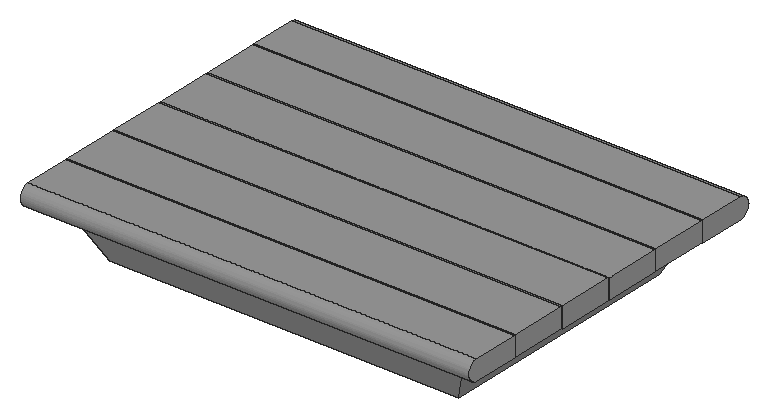
Revit family "14866 Столик «Татами» Хоббика", category Антураж, Revit 2018
Family settings
  На основе рабочей плоскости = Нет
  Всегда вертикально = Да
  При загрузке вырезать с полостями = Нет
  Источник визуального образа = Геометрия семейства
  Общий = Нет
  Точка расчета площади = Нет
Parameters (values of type "Версия лиственница")
  Ширина = 700 mm  # constant formula
  Цвет отделки = Ангарская сосна
  Цвет основания = Каркас
  Описание = if(Версия ангарская сосна, "Столик «Татами». Версия ангарская сосна", "Столик «Татами». Версия лиственница")  # "Столик «Татами». Версия лиственница"
  Материал изделия = "Дерево, сталь"  # constant formula
  Изображение типоразмера = Столик «Татами» Арт 14886.jpeg
  Изготовитель = "ООО «Хоббика»"  # constant formula
  Длина = 900 mm  # constant formula
  Группа модели = "Мебель для дома и террас"  # constant formula
  Высота = 140 mm  # constant formula
  Версия лиственница = not(Версия ангарская сосна)  # yes
  Версия ангарская сосна = no
  Артикул товара = "Арт. 14886"  # constant formula
  URL = "https://hobbyka.ru/product/stolik_tatami"
Types (3, lengths in mm): name | Описание | Версия лиственница | Версия ангарская сосна
  (no name) | "Столик «Татами». Версия лиственница" | yes | no
  Версия ангарская сосна | "Столик «Татами». Версия ангарская сосна" | no | yes
  Версия лиственница | "Столик «Татами». Версия лиственница" | yes | no
Reference planes
  plane 1 "По центру (Вперед/Назад)": y = 0
  plane 2: z = 0
  plane 3 "По центру (Влево/Вправо)": x = 0
  plane 4: x = 900
  plane 5: y = 700
Forms (mm)
  Extrusion 1, solid, material "Ангарская сосна" <- "Цвет отделки"
    sketch origin (0, 0, 0) x (1, 0, 0) y (0, 1, 0)
      loop
        line (0, 700) -> (0, 586) -> (900, 586) -> (900, 700) -> (0, 700)
    from 100 to 140
  Extrusion 2, solid, material "Ангарская сосна" <- "Цвет отделки"
    sketch origin (0, -586, 0) x (1, 0, 0) y (0, 1, 0)
      loop
        line (0, 700) -> (0, 586) -> (900, 586) -> (900, 700) -> (0, 700)
    from 100 to 140
  Extrusion 3, solid, material "Ангарская сосна" <- "Цвет отделки"
    sketch origin (0, -117.2, 0) x (1, 0, 0) y (0, 1, 0)
      loop
        line (0, 700) -> (0, 586) -> (900, 586) -> (900, 700) -> (0, 700)
    from 100 to 140
  Extrusion 4, solid, material "Ангарская сосна" <- "Цвет отделки"
    sketch origin (0, -234.4, 0) x (1, 0, 0) y (0, 1, 0)
      loop
        line (0, 700) -> (0, 586) -> (900, 586) -> (900, 700) -> (0, 700)
    from 100 to 140
  Extrusion 5, solid, material "Ангарская сосна" <- "Цвет отделки"
    sketch origin (0, -351.6, 0) x (1, 0, 0) y (0, 1, 0)
      loop
        line (0, 700) -> (0, 586) -> (900, 586) -> (900, 700) -> (0, 700)
    from 100 to 140
  Extrusion 6, solid, material "Ангарская сосна" <- "Цвет отделки"
    sketch origin (0, -468.8, 0) x (1, 0, 0) y (0, 1, 0)
      loop
        line (0, 700) -> (0, 586) -> (900, 586) -> (900, 700) -> (0, 700)
    from 100 to 140
  Blend 7, solid, material "Каркас" <- "Цвет основания"
    base sketch origin (0, 0, 0) x (1, 0, 0) y (0, 1, 0)
      loop
        line (100, 600) -> (100, 100) -> (800, 100) -> (800, 600) -> (100, 600)
    top sketch origin (0, 0, 0) x (1, 0, 0) y (0, 1, 0)
      loop
        line (50, 650) -> (50, 50) -> (850, 50) -> (850, 650) -> (50, 650)
    from 0 to 100
  Extrusion 8, void
    sketch origin (0, 0, 0) x (0, 1, 0) y (0, 0, 1)
      loop
        arc (680, 140) -> (700, 120) -> (680, 100) r 20
        line (680, 100) -> (701, 100) -> (701, 140) -> (680, 140)
      loop
        line (20, 140) -> (-1, 140) -> (-1, 100) -> (20, 100)
        arc (20, 100) -> (0, 120) -> (20, 140) r 20
    from 0 to 900
Cuts and joins
  Extrusion 8 cuts Extrusion 1
  Extrusion 8 cuts Extrusion 2
Dimensions and locks
  "Ширина": plane 5 to plane 1 "По центру (Вперед/Назад)"
  "Длина": plane 3 "По центру (Влево/Вправо)" to plane 4
  aligned and locked: level to plane 2
Automatic sketch dimensions
  Extrusion 1 sketch curve to Extrusion 1 sketch curve = 900 mm
  Extrusion 1 sketch curve to Extrusion 1 sketch curve = 114 mm
  Extrusion 2 sketch curve to Extrusion 2 sketch curve = 900 mm
  Extrusion 2 sketch curve to Extrusion 2 sketch curve = 114 mm
  Extrusion 3 sketch curve to Extrusion 3 sketch curve = 900 mm
  Extrusion 3 sketch curve to Extrusion 3 sketch curve = 114 mm
  Extrusion 4 sketch curve to Extrusion 4 sketch curve = 900 mm
  Extrusion 4 sketch curve to Extrusion 4 sketch curve = 114 mm
  Extrusion 5 sketch curve to Extrusion 5 sketch curve = 900 mm
  Extrusion 5 sketch curve to Extrusion 5 sketch curve = 114 mm
  Extrusion 6 sketch curve to Extrusion 6 sketch curve = 900 mm
  Extrusion 6 sketch curve to Extrusion 6 sketch curve = 114 mm
  plane 3 "По центру (Влево/Вправо)" to Blend 7 sketch curve = 100 mm
  Blend 7 sketch curve to plane 4 = 100 mm
  Blend 7 sketch curve to plane 1 "По центру (Вперед/Назад)" = 100 mm
  Blend 7 sketch curve to plane 5 = 100 mm
  Blend 7 sketch curve to plane 1 "По центру (Вперед/Назад)" = 50 mm
  plane 3 "По центру (Влево/Вправо)" to Blend 7 sketch curve = 50 mm
  Blend 7 sketch curve to plane 4 = 50 mm
  Blend 7 sketch curve to plane 5 = 50 mm
  Extrusion 1 sketch curve to plane 3 "По центру (Влево/Вправо)" = 0 mm
  Extrusion 1 sketch curve to plane 5 = 0 mm
  plane 1 "По центру (Вперед/Назад)" to Extrusion 2 sketch curve = 0 mm
  Extrusion 2 sketch curve to plane 3 "По центру (Влево/Вправо)" = 0 mm
  Extrusion 3 sketch curve to plane 3 "По центру (Влево/Вправо)" = 0 mm
  Extrusion 3 sketch curve to plane 5 = 231.2 mm
  Extrusion 4 sketch curve to plane 3 "По центру (Влево/Вправо)" = 0 mm
  Extrusion 4 sketch curve to plane 5 = 348.4 mm
  Extrusion 5 sketch curve to plane 3 "По центру (Влево/Вправо)" = 0 mm
  Extrusion 5 sketch curve to plane 1 "По центру (Вперед/Назад)" = 234.4 mm
  Extrusion 6 sketch curve to plane 3 "По центру (Влево/Вправо)" = 0 mm
  Extrusion 6 sketch curve to plane 1 "По центру (Вперед/Назад)" = 117.2 mm
  plane 1 "По центру (Вперед/Назад)" to Extrusion 8 sketch curve = 1 mm
  Extrusion 8 sketch curve to plane 1 "По центру (Вперед/Назад)" = 20 mm
  Extrusion 8 sketch curve to plane 5 = 20 mm
  plane 5 to Extrusion 8 sketch curve = 1 mm
  level to Extrusion 8 sketch curve = 100 mm  (x2)
  Extrusion 8 sketch curve to Extrusion 8 sketch curve = 20 mm  (x2)
